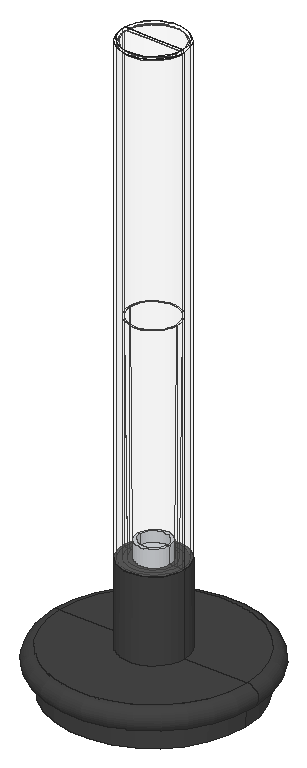
Revit family "Indoor_Table Lamp_Santa&Cole_Sylvestrina", category Luminarias, Revit 2018
Family settings
  Cota de conector redondo = Diámetro de uso
  Tipo de pieza = Normal
  Número OmniClass = 23.80.70.00
  Título OmniClass = Lighting
  Se basa en plano de trabajo = No
  Siempre vertical = Sí
  Corte con vacíos al cargar = No
  Origen de luz = Sí
  Compartido = No
  Punto de cálculo de habitación = No
Parameters
  Wattage = 0.538568 W
  Technical Information = "https://www.santacole.com/recursos/productos/downloads/pdf_espec_tecnicas/SC_Sylvestrina_data%20sheet.pdf"
  built-in parameter 1150110 = 1 (stored number, unit not read)
  URL = "https://www.santacole.com/en/catalogue/table-lamps/sylvestrina"
  Manufacturer website = "http://www.santacole.com"
  built-in parameter 1114217 = 4 (stored number, unit not read)
  built-in parameter 1150109 = 1 (stored number, unit not read)
  Energy Label = "https://www.santacole.com/recursos/productos/downloads/pdf_energy_label/Energy%20Label_Sylvestrina.pdf"
  Designed by = "Enric Sòria, Jordi Garcés. 1974"
  Contact phone = "+34.938.619.100"
  Contact e-mail = "info@santacole.com"
  built-in parameter 1150134 = (empty or 0)
  built-in parameter 1150113 = 1 (stored number, unit not read)
  Modelo = "Sylvestrina"
  Fabricante = "Santa & Cole"
  Lumens = 80 lm
  built-in parameter 1150115 = 1 (stored number, unit not read)
  built-in parameter 1150105 = 6.3662 (stored number, unit not read)
  Load = 1 W
  Tamaño de símbolo de origen de luz = 50 mm
  built-in parameter 1150137 = (empty or 0)
  built-in parameter 1150139 = (empty or 0)
  built-in parameter 1150112 = 1 (stored number, unit not read)
  built-in parameter 1150114 = 1 (stored number, unit not read)
  Lamp = ""
  built-in parameter 1150132 = 2
  built-in parameter 1150102 = (empty or 0)
  built-in parameter 1150138 = (empty or 0)
  built-in parameter 1150107 = 2200 (stored number, unit not read)
  built-in parameter 1150106 = 0.063662 (stored number, unit not read)
  built-in parameter 1150104 = 13.8 (stored number, unit not read)
  Code = "SYL01/SYL02"
  Dimming Lamp Color Temperature Shift = (empty or 0)
  Color Filter = 16777215
  built-in parameter 1114218 = 1 (stored number, unit not read)
  Assembly instructions - UL = ""
  Assembly instructions - CE = ""
  built-in parameter 1150133 = 10 (stored number, unit not read)
  Apparent Load = 1 VA
Reference planes
  plane 1 "Light Source Axis (F/B)": y = 0
  plane 2: z = 0
  plane 3 "Light Source Axis (L/R)": x = 0
  plane 4 "Light Source Elevation": z = 105
Forms (mm)
  Revolve 1, solid, material "Santa & Cole - Glossy Black Zamak"
    sketch origin (0, 0, 0) x (1, 0, 0) y (0, 0, 1)
      loop
        line (-18.988, 27.1) -> (-56.788, 27.1)
        arc (-56.788, 27.1) -> (-63.281, 20.306) -> (-56.201, 14.127) r 6.5
        line (-56.201, 14.127) -> (-56.009, 3.1) -> (-37.578, 3.1) -> (-37.538, 0.8)
        arc (-37.538, 0.8) -> (-37.191, 0.225) -> (-36.558, 0) r 1
        line (-36.558, 0) -> (0, 0) -> (0, 75.1) -> (-18.813, 75.1) -> (-18.988, 27.1)
      axis (0, 75.1) -> (0, 0)
    angle from 0 to 360
  Revolve 2, solid, material "Santa & Cole - Transparent Pyrex Glass"
    sketch origin (0, 0, 0) x (1, 0, 0) y (0, 0, 1)
      loop
        line (-18.788, 75.1) -> (-17.388, 75.1) -> (-17.388, 354.7)
        arc (-17.388, 354.7) -> (-17.095, 355.407) -> (-16.388, 355.7) r 1
        line (-16.388, 355.7) -> (0, 355.7) -> (0, 357.1) -> (-17.788, 357.1) -> (-18.788, 356.1) -> (-18.788, 75.1)
      axis (0, 357.1) -> (0, 75.1)
    angle from 0 to 360
  Revolve 3, solid, material "Santa & Cole - White Diffuser"
    sketch origin (0, 0, 0) x (1, 0, 0) y (0, 0, 1)
      loop
        line (-13.788, 206.6) -> (-14.788, 206.6) -> (-14.788, 75.1) -> (-12.455, 75.1) -> (-13.788, 206.6)
      axis (0, 206.6) -> (0, 75.1)
    angle from 0 to 360
  Revolve 4, solid
    sketch origin (0, 0, 0) x (1, 0, 0) y (0, 0, 1)
      loop
        line (-9.788, 85.1) -> (-9.788, 75.1) -> (0, 75.1) -> (0, 79.193) -> (-8.288, 79.193) -> (-8.288, 85.1) -> (-9.788, 85.1)
      axis (0, 85.1) -> (0, 75.1)
    angle from 0 to 360
Lines and regions (mm)
  model lines, style "Predeterminado", not visible
    curve 1: line (0, -3.75, 375) -> (0, 3.75, 375)
    curve 2: line (0, 3.75, 375) -> (0, -3.75, 375)
    curve 3: line (0, 15, 86.75) -> (0, -15, 86.75)
    curve 4: line (0, -10, 65) -> (0, -15, 82.176)
    curve 5: line (0, -10, 25) -> (0, -10, 65)
    curve 6: line (0, 6.344, 17.27) -> (0, 10, 25)
    curve 7: line (0, -1.951, 15.192) -> (0, 6.344, 17.27)
    curve 8: line (0, -10, 25) -> (0, -1.951, 15.192)
    curve 9: line (0, 10, 25) -> (0, 10, 65)
    curve 10: line (0, 15, 82.176) -> (0, 10, 65)
    curve 11: line (0, 15, 86.75) -> (0, -15, 86.75)
Dimensions and locks
  aligned and locked: plane 3 "Light Source Axis (L/R)" to imposter light
  aligned and locked: plane 1 "Light Source Axis (F/B)" to imposter light
  aligned and locked: plane 4 "Light Source Elevation" to imposter light
  aligned and locked: level to plane 2
